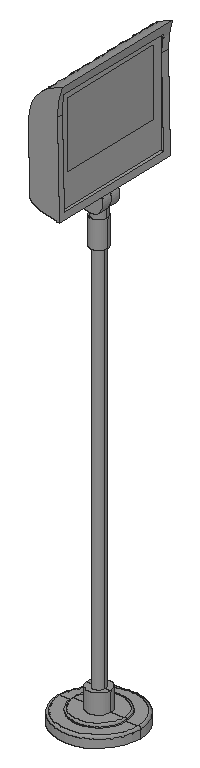
Revit family "Alcon-31033-Revit Family", category Generic Models, host Face, Revit 2023
Family settings
  Host = Face
  Can host rebar = No
  Round Connector Dimension = Use Diameter
  Part Type = Normal
  Cut with Voids When Loaded = No
  Maintain Annotation Orientation = No
  Shared = No
  Room Calculation Point = No
Parameters
  Housing = Housing
  Fixture Rotation = 90.00°
  Default Elevation = 4' - 0"
Reference planes (in)
  plane 1 "Center (Front/Back)": y = 0
  plane 2: z = 0
  plane 3 "Center (Left/Right)": x = 0
Forms (in)
  Revolve 1, solid, material "Housing" <- "Housing"
    sketch origin (0, 0, 0) x (1, 0, 0) y (0, 0, 1)
      loop
        line (0.54374, 32.70891) -> (0.54374, 33.45891) -> (0, 33.45891) -> (0, 0) -> (2.98752, 0) -> (2.98752, 0.58977)
        arc (2.98752, 0.58977) -> (2.93773, 0.70996) -> (2.81753, 0.75975) r 0.16998
        line (2.81753, 0.75975) -> (1.95066, 0.75975) -> (1.95066, 0.82471)
        arc (1.95066, 0.82471) -> (1.91385, 0.91357) -> (1.82499, 0.95038) r 0.12567
        line (1.82499, 0.95038) -> (0.8448, 0.95038) -> (0.8448, 2.3468) -> (0.43143, 2.3468) -> (0.43143, 30.7641) -> (0.61857, 30.7641) -> (0.61857, 32.70891) -> (0.54374, 32.70891)
      axis (0, 0) -> (0, 33.45891)
    angle from 0 to 360
  Extrusion 2, solid, material "Housing" <- "Housing"
    sketch origin (0, 0, 0) x (1, 0, 0) y (0, 0, 1)
      loop
        circle (0, 34.0141) r 0.88249
    from 0 to 0.71484
  Extrusion 3, void
    sketch origin (0, 0, 0) x (1, 0, 0) y (0, 0, 1)
      loop
        line (0.54374, 33.45891) -> (-0.54374, 33.45891) -> (-0.54374, 33.31902)
        arc (-0.54374, 33.31902) -> (-0.28757, 33.17978) -> (0, 33.13161) r 0.88249
        arc (0, 33.13161) -> (0.28757, 33.17978) -> (0.54374, 33.31902) r 0.88249
        line (0.54374, 33.31902) -> (0.54374, 33.45891)
    from -0.59956 to 0.59873
Cuts and joins
  Extrusion 3 cuts Revolve 1
Lines and regions (in)
  reference lines
    curve 1: line (-6.65841, 0, 34.0141) -> (7.5, 0, 34.0141)
Dimensions and locks (in)
  "Fixture Rotation": angle nested 1 to curve 1
  aligned and locked: plane 2 to host face
  aligned and locked: level to host face
Automatic sketch dimensions
  host sketch curve to host sketch curve = 8' - 0"  (x2)
  Extrusion 2 sketch curve to plane 3 "Center (Left/Right)" = 0' - 0"
  level to Extrusion 2 sketch curve = 2' - 10.0141"
  Extrusion 3 sketch curve to Extrusion 3 sketch curve = 0' - 0"  (x2)
  Extrusion 3 sketch curve to plane 3 "Center (Left/Right)" = 0' - 0"
  Extrusion 3 sketch curve to plane 3 "Center (Left/Right)" = 0' - 0.54374"
  plane 3 "Center (Left/Right)" to Extrusion 3 sketch curve = 0' - 0.54374"
  level to Extrusion 3 sketch curve = 2' - 9.31902"
  Extrusion 3 sketch curve to Extrusion 3 sketch curve = 0' - 0.13989"
  Extrusion 3 sketch curve to Extrusion 3 sketch curve = 0' - 0.55519"
  curve 1 to plane 3 "Center (Left/Right)" = 0' - 6.65841"
  plane 3 "Center (Left/Right)" to curve 1 = 0' - 7 1/2"
  level to curve 1 = 2' - 10.0141"
  Revolve 1 sketch curve to plane 3 "Center (Left/Right)" = 0' - 0"  (x2)
  Revolve 1 sketch curve to level = 0' - 0"
  plane 3 "Center (Left/Right)" to Revolve 1 sketch curve = 0' - 0.43143"
  plane 3 "Center (Left/Right)" to Revolve 1 sketch curve = 0' - 0.54374"
  Revolve 1 sketch curve to Revolve 1 sketch curve = 0' - 0.18714"
  Revolve 1 sketch curve to Revolve 1 sketch curve = 0' - 0.41337"
  Revolve 1 sketch curve to Revolve 1 sketch curve = 0' - 0.98019"
  Revolve 1 sketch curve to Revolve 1 sketch curve = 0' - 0.12567"
  Revolve 1 sketch curve to Revolve 1 sketch curve = 0' - 0.86687"
  Revolve 1 sketch curve to Revolve 1 sketch curve = 0' - 0.16998"
  level to Revolve 1 sketch curve = 0' - 0.58977"
  Revolve 1 sketch curve to Revolve 1 sketch curve = 0' - 0.06496"
  Revolve 1 sketch curve to Revolve 1 sketch curve = 0' - 1.39642"
  Revolve 1 sketch curve to Revolve 1 sketch curve = 2' - 4.4173"
  Revolve 1 sketch curve to Revolve 1 sketch curve = 0' - 1.94481"
  Revolve 1 sketch curve to Revolve 1 sketch curve = 0' - 0 3/4"
  Revolve 1 sketch curve to Revolve 1 sketch curve = 0' - 0.5662"
  Revolve 1 sketch curve to Revolve 1 sketch curve = 0' - 0.4338"
  radius of Extrusion 2 sketch curve = 0' - 0.88249"
Nested families (in)
  nested 1: "Alcon-31033-Housing-Revit Family" at (0, 0, 34.0141) x (0, 0, -1) z (0, -1, 0), type "Alcon-31033-Housing-Revit Family"
    with built-in parameter 1001306 1.4583 (stored number, unit not read)
Definition of nested family "Alcon-31033-Housing-Revit Family"
  Parameters (values of type "Alcon-31033-Housing-Revit Family")
    Translucent Lens = none
    built-in parameter 1001306 [instance] = 4' - 0"
    Housing = none
    Default Elevation = 0' - 0"
  Reference planes (in)
    plane 1 "Center (Front/Back)": y = 0
    plane 2: z = 0
    plane 3 "Left": x = 0
    plane 4 "Right": x = 48
  Forms (in)
    Extrusion 1, solid, material <- "Housing"
      sketch origin (0, 0, 0) x (1, 0, 0) y (0, 1, 0)
        loop
          line (-0.73901, 1.15037) -> (-7.52201, 1.00766)
          arc (-7.52201, 1.00766) -> (-8.52367, 1.0759) -> (-9.49739, 1.32053) r 5.64412
          arc (-9.49739, 1.32053) -> (-8.48257, -0.39539) -> (-6.62842, -1.12779) r 3.07372
          line (-6.62842, -1.12779) -> (-1.71006, -1.04194)
          arc (-1.71006, -1.04194) -> (-1.47578, -0.94066) -> (-1.30048, -0.75515) r 0.63346
          arc (-1.30048, -0.75515) -> (-0.945, 0.03977) -> (-0.8122, 0.90037) r 3.26588
          line (-0.8122, 0.90037) -> (-0.73901, 0.90037) -> (-0.73901, 1.15037)
      from -4.92773 to 4.92773
    Extrusion 2, void
      sketch origin (0, 0, 0) x (1, 0, 0) y (0, 0, 1)
        loop
          line (-1.2255, 4.6278) -> (-8.82558, 4.6278) -> (-8.82558, -4.4338) -> (-1.2255, -4.4338) -> (-1.2255, 4.6278)
      from -1.23644 to -0.90037
    Extrusion 3, void
      sketch origin (0, 0.90037, 0) x (1, 0, 0) y (0, 0, 1)
        loop
          line (-3.4611, 4.01749) -> (-8.33549, 4.01749) -> (-8.33549, -3.83052) -> (-3.4611, -3.83052) -> (-3.4611, 4.01749)
      from 0 to 0.42647
    Extrusion 4, solid, material <- "Translucent Lens"
      sketch origin (0, 0.90037, 0) x (-1, 0, 0) y (0, 0, 1)
        loop
          line (3.4611, -3.83052) -> (8.33549, -3.83052) -> (8.33549, 4.01749) -> (3.4611, 4.01749) -> (3.4611, -3.83052)
      from 0 to -0.06149
    Extrusion 5, void
      sketch origin (0, 0, 0) x (0, 1, 0) y (0, 0, 1)
        loop
          line (-1.73044, 1.07489) -> (-1.73044, 0.04915) -> (0.28683, 0.04915) -> (0.28683, 1.07489) -> (-1.73044, 1.07489)
        loop
          line (-1.73044, 2.19894) -> (-1.73044, 1.1732) -> (0.28683, 1.1732) -> (0.28683, 2.19894) -> (-1.73044, 2.19894)
        loop
          line (-1.73044, 3.32298) -> (-1.73044, 2.29724) -> (0.28683, 2.29724) -> (0.28683, 3.32298) -> (-1.73044, 3.32298)
        loop
          line (-1.73044, -1.07489) -> (0.28683, -1.07489) -> (0.28683, -0.04915) -> (-1.73044, -0.04915) -> (-1.73044, -1.07489)
        loop
          line (-1.73044, -2.19894) -> (0.28683, -2.19894) -> (0.28683, -1.1732) -> (-1.73044, -1.1732) -> (-1.73044, -2.19894)
        loop
          line (-1.73044, -3.32298) -> (0.28683, -3.32298) -> (0.28683, -2.29724) -> (-1.73044, -2.29724) -> (-1.73044, -3.32298)
        loop
          line (-1.73044, 4.1278) -> (-1.73044, 3.42128) -> (0.28683, 3.42128) -> (0.28683, 4.1278) -> (-1.73044, 4.1278)
        loop
          line (-1.73044, -4.1278) -> (0.28683, -4.1278) -> (0.28683, -3.42128) -> (-1.73044, -3.42128) -> (-1.73044, -4.1278)
        loop
          line (-1.73044, 4.80494) -> (-1.73044, 4.2261) -> (0.28683, 4.2261) -> (0.28683, 4.80494) -> (-1.73044, 4.80494)
        loop
          line (-1.73044, -4.80494) -> (0.28683, -4.80494) -> (0.28683, -4.2261) -> (-1.73044, -4.2261) -> (-1.73044, -4.80494)
      from -3.04746 to -9.76543
    Extrusion 6, solid, material <- "Housing"
      sketch origin (0, 0, 0) x (1, 0, 0) y (0, 1, 0)
        loop
          arc (-0.7004, -0.53687) -> (0.88249, 0.00203) -> (-0.70286, 0.53364) r 0.88249
          arc (-0.70286, 0.53364) -> (-0.76906, 0.4753) -> (-0.85269, 0.44717) r 0.22319
          arc (-0.85269, 0.44717) -> (-0.97544, -0.05778) -> (-1.17672, -0.53687) r 3.26588
          line (-1.17672, -0.53687) -> (-0.7004, -0.53687)
      from -0.7131 to 0
  Cuts and joins
    Extrusion 2, Extrusion 3, Extrusion 5 cuts Extrusion 1
  Lines and regions (in)
    reference lines
      curve 1: line (0, 0, 0) -> (48, 0, 0)
    model lines
      curve 2: line (0, 0, 0) -> (-47.25, 0, 0)
  Dimensions and locks (in)
    "built-in parameter 1001306": plane 3 "Left" to plane 4 "Right"
    aligned and locked: plane 4 "Right" to curve 1
    aligned and locked: plane 1 "Center (Front/Back)" to curve 1
    aligned and locked: plane 3 "Left" to curve 1
    aligned and locked: level to plane 2
    aligned and locked: Extrusion 4 sketch curve to cut or joined group of Extrusion 1, Extrusion 2, Extrusion 3, Extrusion 5  (x4)
  Automatic sketch dimensions
    Extrusion 1 sketch curve to plane 1 "Center (Front/Back)" = 0' - 1.00766"
    Extrusion 1 sketch curve to Extrusion 1 sketch curve = 0' - 0.11872"
    plane 1 "Center (Front/Back)" to Extrusion 1 sketch curve = 0' - 1.12779"
    Extrusion 1 sketch curve to Extrusion 1 sketch curve = 0' - 0.89359"
    Extrusion 1 sketch curve to Extrusion 1 sketch curve = 0' - 1.03472"
    Extrusion 1 sketch curve to plane 1 "Center (Front/Back)" = 0' - 0.96367"
    Extrusion 1 sketch curve to Extrusion 1 sketch curve = 0' - 2.40983"
    plane 1 "Center (Front/Back)" to Extrusion 1 sketch curve = 0' - 0.42176"
    Extrusion 1 sketch curve to plane 3 "Left" = 0' - 0.8122"
    Extrusion 1 sketch curve to Extrusion 1 sketch curve = 0' - 0.07319"
    Extrusion 1 sketch curve to plane 1 "Center (Front/Back)" = 0' - 0.90037"
    Extrusion 1 sketch curve to Extrusion 1 sketch curve = 0' - 0 1/4"
    Extrusion 1 sketch curve to Extrusion 1 sketch curve = 0' - 0.93503"
    Extrusion 1 sketch curve to Extrusion 1 sketch curve = 0' - 4.70784"
    Extrusion 1 sketch curve to Extrusion 1 sketch curve = 0' - 0.12906"
    Extrusion 1 sketch curve to Extrusion 1 sketch curve = 0' - 0.40958"
    Extrusion 1 sketch curve to Extrusion 1 sketch curve = 0' - 0"
    Extrusion 1 sketch curve to Extrusion 1 sketch curve = 0' - 0.28679"
    Extrusion 2 sketch curve to plane 3 "Left" = 0' - 8.82558"
    Extrusion 2 sketch curve to plane 3 "Left" = 0' - 1.2255"
    Extrusion 2 sketch curve to level = 0' - 4.4338"
    level to Extrusion 2 sketch curve = 0' - 4.6278"
    Extrusion 2 to Extrusion 3 sketch curve = 0' - 0.49009"
    Extrusion 2 to Extrusion 3 sketch curve = 0' - 0.60328"
    Extrusion 2 to Extrusion 3 sketch curve = 0' - 2.2356"
    Extrusion 2 to Extrusion 3 sketch curve = 0' - 0.6103"
    plane 1 "Center (Front/Back)" to Extrusion 5 sketch curve = 0' - 1.73044"  (x3)
    Extrusion 5 sketch curve to Extrusion 5 sketch curve = 0' - 0"  (x8)
    Extrusion 5 sketch curve to plane 1 "Center (Front/Back)" = 0' - 0.28683"  (x9)
    Extrusion 5 sketch curve to level = 0' - 0.04915"
    level to Extrusion 5 sketch curve = 0' - 0.04915"
    Extrusion 5 sketch curve to Extrusion 5 sketch curve = 0' - 1.02574"  (x6)
    Extrusion 5 sketch curve to Extrusion 5 sketch curve = 0' - 0.0983"  (x8)
    Extrusion 5 sketch curve to Extrusion 5 sketch curve = 0' - 0.70652"  (x2)
    Extrusion 5 sketch curve to Extrusion 5 sketch curve = 0' - 0.57884"  (x2)
    plane 1 "Center (Front/Back)" to Extrusion 6 sketch curve = 0' - 0"
    Extrusion 6 sketch curve to plane 3 "Left" = 0' - 0"
    Extrusion 6 sketch curve to Extrusion 6 sketch curve = 0' - 0.14983"
    Extrusion 6 sketch curve to Extrusion 6 sketch curve = 0' - 0.22144"
    Extrusion 6 sketch curve to plane 1 "Center (Front/Back)" = 0' - 0.53364"
    plane 1 "Center (Front/Back)" to curve 2 = 0' - 0"
    curve 2 to plane 3 "Left" = 0' - 0"
    curve 2 to curve 2 = 3' - 11 1/4"
    Extrusion 6 sketch curve to Extrusion 6 sketch curve = 0' - 0.17776"
    Extrusion 6 sketch curve to plane 1 "Center (Front/Back)" = 0' - 0.96367"
    Extrusion 6 sketch curve to Extrusion 6 sketch curve = 0' - 0.02794"
    plane 1 "Center (Front/Back)" to Extrusion 6 sketch curve = 0' - 0.53687"
    Extrusion 6 sketch curve to Extrusion 6 sketch curve = 0' - 0.47632"
  Nested families (in)
    nested 1: "Alcon-31033-Housing-IES-Revit Family" at (0, 0, 0), type "Alcon-31033-Housing-IES-Revit Family"
  Definition of nested family "Alcon-31033-Housing-IES-Revit Family"
    Parameters (values of type "Alcon-31033-Housing-IES-Revit Family")
      Wattage = 9.2903 W
      built-in parameter 1150110 = 1 (stored number, unit not read)
      Translucent Lens = none
      built-in parameter 1114217 = 1 (stored number, unit not read)
      Tilt Angle = 0.00°
      built-in parameter 1150109 = 1 (stored number, unit not read)
      built-in parameter 1150134 = 3
      built-in parameter 1150113 = 1 (stored number, unit not read)
      Photometric Web File = "LFX-MD-15-50W-120V.ies"
      built-in parameter 1150105 = 109.82 (stored number, unit not read)
      Lumens = 1380 lm
      built-in parameter 1150115 = 1 (stored number, unit not read)
      built-in parameter 1150137 = (empty or 0)
      built-in parameter 1150139 = (empty or 0)
      built-in parameter 1150112 = 1 (stored number, unit not read)
      built-in parameter 1150114 = 1 (stored number, unit not read)
      built-in parameter 1150132 = 2
      built-in parameter 1150102 = (empty or 0)
      built-in parameter 1150107 = 3200 (stored number, unit not read)
      built-in parameter 1150138 = (empty or 0)
      built-in parameter 1150106 = 1.0982 (stored number, unit not read)
      built-in parameter 1150104 = 13.8 (stored number, unit not read)
      Dimming Lamp Color Temperature Shift = (empty or 0)
      Default Elevation = 4' - 0"
      Color Filter = 16777215
      built-in parameter 1114218 = 1 (stored number, unit not read)
      built-in parameter 1150133 = 10 (stored number, unit not read)
    Reference planes (in)
      plane 1 "Center (Front/Back)": y = 0
      plane 2: z = 0
      plane 3 "Center (Left/Right)": x = 0
    Forms (in)
      Extrusion 1, solid
        sketch origin (0, 0, 0) x (1, 0, 0) y (0, 1, 0)
          loop
            line (-48, 48) -> (-48, -48) -> (48, -48) -> (48, 48) -> (-48, 48)
        from 0 to -12
    Dimensions and locks (in)
      aligned and locked: plane 2 to Extrusion 1
      aligned and locked: level to Extrusion 1
